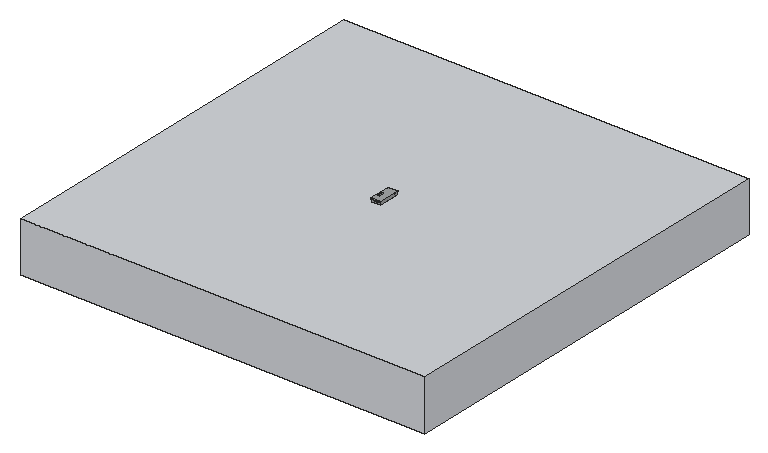
Revit family "GIRA_123926", category Elektroinstallationen, Revit 2017
Family settings
  Basisbauteil = Fläche
  Beschriftungsausrichtung beibehalten = Ja
  Bemaßung runder Anschluss = Durchmesser verwenden
  Teiletyp = Normal
  Beim Laden mit Abzugskörper schneiden = Nein
  Gemeinsam genutzt = Nein
  Raumberechnungspunkt = Nein
Parameters
  Zusatzgerät anreihbar = no
  Default Elevation = 1219.2 mm
  Verbindung mit Smartphone möglich = no
  URL = "https://www.gira.de/"
  Typname = "Wohnungsstation Video AP Plus System 55 F Alu"
  Schaltfunktionen = yes
  Rufunterscheidung = yes
  Rufabschaltung = yes
  Mit Türöffnerautomatik = yes
  Mit Touchscreen = no
  Lautstärkeregelung = yes
  Ist Zubehör = no
  Ist System = no
  Internkommunikation = yes
  Hörgerätekompatibel = no
  Hersteller = "Gira"
  HAN = "123926"
  GTIN = "4010337016267"
  Funktions-Lampen = yes
  Bildsystem = "PAL"
  Beschreibung = "Wohnungsstation Video AP Plus System 55 Farbe Alu Merkmale: - Bei Verwendung je einer Spannungsversorgung für Türkommunikation können bis zu 28 Wohnungsstationen Video AP parallel genutzt werden. - Die Wohnungsstation Video AP Plus erkennt automatisch, ob eine Spannungsversorgung für Türkommunikation angeschlossen ist. Eine Brücke zwischen ZV und BUS ist nicht notwendig. - Farbdisplay mit LED-Hintergrundbeleuchtung. - OSD Funktion, d. h. Texteinblendung im Display zur Statusanzeige und Menüführung. - Kapazitive Bedientasten mit integrierten Leuchtdioden zur Zustandsanzeige: Die Tasten werden durch leichte Berührung bedient. - Zuschaltbare Türöffnerautomatik: bei eingeschalteter Funktion wird der Türöffner nach Betätigung der Türstationsruftaste automatisch angesteuert. - Automatische Rufannahme: direktes Hineinsprechen oder -hören in einen Raum nach Internruf. - Gebührenfreier hausinterner Sprechverkehr mit bis zu zehn weiteren Wohnungsstationen. Die Bedientasten der Wohnungsstation Video AP Plus steuern die folgenden Funktionen:: - Manuelles Ein- und Ausschalten des TFT-Farbdisplays. - Kameraumschaltung - gezielte Anwahl der angeschlossenen Farbkameras. Im Display erfolgt die Textanzeige, welche Kamera aktuell angesteuert wird. - Schalten von Licht und anderen Funktionen in Verbindung mit dem Schaltaktor oder dem Unterputz-Schaltaktor. - Ansteuerung des Türöffners. - Rufton ein- und ausschalten. - Rufannahme. - Aktivierung der Durchsetzfunktion. - Einstellung von Rufton- und Sprechlautstärke. Funktionen im Endkundenmenü: - Internruf, Schalthandlung, Ruftonmelodie, Helligkeit, Farbsättigung, Kontrast, Einschaltzeit des Displays, Sprache (21 Sprachen wählbar), Tastentöne, Türöffnerautomatik (nach Installateurfreigabe), automatische Rufannahme (nach Installateurfreigabe). Zusätzliche Funktionen im Installateurmenü:: - Einstellung Haupt- Nebendisplay, Frequenzeinstellung, Terminierung der Leitung, Versionsanzeige, Werkseinstellung, Display ein- bzw. ausschalten, LED-Beleuchtung ein- bzw. ausschalten, Ruftastenzuordnung, Internruf zuordnen, Freigaben für Türöffnerautomatik und automatische Rufannahme. - Karten-Slot für SD-Speicherkarte. - SD-Speicherkarte. Neue zusätzliche Funktionen im Endkundenmenü:: - Interner Bildspeicher (nach Installateurfreigabe) für bis zu 48 Bilder. Manueller Übertrag interner zu externner Bildspeicher (SD-Speicherkarte). Bildspeicher manuell löschen. Manuellen Schnappschuss auslösen. Schalthandlungen und Internrufe umbenennen. Datum Uhrzeit ändern. Neue zusätzliche Funktionen im Installateurmenü:: - Freigabe des internen Bildspeichers. Einstellen des Bildintervals und der Aufnahmegeschwindigkeit. Datum Uhrzeit einstellen. Eigenschaften der SD-Speicherkarte:: - Verzeichnis für zehn Klingeltöne, davon fünf frei konfigurierbar im WAVE-Format. Ordner für externen Bildspeicher (max. 200 Bilder).  Hinweise : - Montage ohne Abdeckrahmen oder mit Abdeckrahmen 2fach ohne Mittelsteg aus den Schalterprogrammen System 55, Flächenschalter oder Gira E22 möglich."
  Bedienung Türöffner = yes
  BIM = "https://media.stage.bim.site/t/eyJhbGciOiJIUzI1NiIsInR5cCI6IkpXVCJ9.eyJjdCI6MSwidGYiOiJwdWJsaWMvZ2lyYS9iNjQ4NDNkLzEyMzkgMjYucmZhIiwiY2lkIjoiMzI3N2NjMjMtODFhOS00ZWUzLWE5MGEtYjQ3YmI0YzBiNjE2IiwicmlkIjoiODEzNTllZDQzOTdmMTNkMDU1NGNmMjliOTY5ODEzOGYiLCJwaWQiOiIwMWNjZTYyNDAzNDNmNzJjYzdkOTBlZTNmOTJhOThmN2QzODYzZmRkIiwic2lkIjoiNjM0NzAiLCJ1dCI6NSwiaWF0IjoxNTY1MTg2ODU0LCJpc3MiOiJodHRwczovL2FwaS5saXZlLmJpbS5zaXRlIiwic3ViIjoiYWRtaW5AYmltc2l0ZS5kZXYifQ.0vL1NSotp1H8hgY8szeundwsqxCglMqXX_FI9kGDnYU/1239 26.rfa"
  Abhörsicher = yes
Reference planes
  plane 1 "Center (Front/Back)": y = 0
  plane 2: z = 0
  plane 3 "Center (Left/Right)": x = 0
  plane 4: y = -57.002
  plane 5: z = 11.3
Forms (mm)
  Extrusion 1, solid
    sketch origin (0, 0, 0) x (1, 0, 0) y (0, 1, 0)
      loop
        line (-1219.2, 1219.2) -> (-1219.2, -1219.2) -> (1219.2, -1219.2) -> (1219.2, 1219.2) -> (-1219.2, 1219.2)
    from 0 to -304.8
  Extrusion 2, solid, material "Color aluminum", detail levels fine
    sketch origin (0, 0, 0) x (1, 0, 0) y (0, 1, 0)
      loop
        line (-27.5, 62.907) -> (-27.5, -62.761) -> (27.5, -63.002) -> (27.5, 62.907) -> (-27.5, 62.907)
    from 2.8 to 19.6
  Extrusion 3, solid, material "Color aluminum", detail levels fine
    sketch origin (0, 0, 0) x (1, 0, 0) y (0, 1, 0)
      loop
        line (23.736, -57.486) -> (23.736, 57.355) -> (-23.736, 57.355) -> (-23.736, -57.486) -> (23.736, -57.486)
    from 0 to 2.8
  Extrusion 4, solid, material "Color aluminum", detail levels fine
    sketch origin (0, 0, -0.9) x (1, 0, 0) y (0, 1, 0)
      loop
        arc (-26.5, 65) -> (-27.207, 64.707) -> (-27.5, 64) r 1
        line (-27.5, 64) -> (-27.5, -64)
        arc (-27.5, -64) -> (-27.207, -64.707) -> (-26.5, -65) r 1
        line (-26.5, -65) -> (26.5, -65)
        arc (26.5, -65) -> (27.207, -64.707) -> (27.5, -64) r 1
        line (27.5, -64) -> (27.5, 64)
        arc (27.5, 64) -> (27.207, 64.707) -> (26.5, 65) r 1
        line (26.5, 65) -> (-26.5, 65)
    from 20.5 to 21.5
  Extrusion 5, solid, material "Color aluminum", detail levels medium+fine
    sketch origin (0, 0, 0) x (1, 0, 0) y (0, 1, 0)
      loop
        line (-23.605, -18.6) -> (-13.2, -18.6) -> (-13.2, -8.594) -> (-13.2, 3.4) -> (-23.605, 3.4) -> (-23.605, -18.6)
    from 20.6 to 22.5
  Extrusion 6, void, detail levels fine
    sketch origin (0, 0, 0) x (1, 0, 0) y (0, 1, 0)
      loop
        arc (-11.109, -10.234) -> (15.105, -0.084) -> (-10.995, 10.357) r 15.105
        line (-10.995, 10.357) -> (-11.109, -10.234)
      loop
        arc (-3.34, -27.996) -> (-8.964, -28.895) -> (-3.943, -31.585) r 3.005
        arc (-3.943, -31.585) -> (0.438, -31.827) -> (4.808, -31.44) r 31.83
        arc (4.808, -31.44) -> (6.319, -29.382) -> (4.262, -27.871) r 1.805
        arc (4.262, -27.871) -> (0.465, -28.191) -> (-3.34, -27.996) r 28.195
      loop
        spline (6.871, -48.874) -> (6.579, -48.896) -> (6.293, -48.96) -> (6.02, -49.065) -> (5.765, -49.208) -> (5.534, -49.388) -> (5.331, -49.599) -> (5.162, -49.838) -> (5.029, -50.099) -> (4.936, -50.377) -> (4.885, -50.666) -> (4.876, -50.959) -> (4.91, -51.25)
        spline (4.91, -51.25) -> (4.876, -51.541) -> (4.885, -51.834) -> (4.936, -52.123) -> (5.029, -52.401) -> (5.162, -52.662) -> (5.331, -52.901) -> (5.534, -53.112) -> (5.765, -53.292) -> (6.02, -53.435) -> (6.293, -53.54) -> (6.579, -53.604) -> (6.871, -53.626)
        line (6.871, -53.626) -> (13.129, -53.626)
        spline (13.129, -53.626) -> (13.421, -53.604) -> (13.707, -53.54) -> (13.98, -53.435) -> (14.235, -53.292) -> (14.466, -53.112) -> (14.669, -52.901) -> (14.838, -52.662) -> (14.971, -52.401) -> (15.064, -52.123) -> (15.115, -51.834) -> (15.124, -51.541) -> (15.09, -51.25)
        spline (15.09, -51.25) -> (15.124, -50.959) -> (15.115, -50.666) -> (15.064, -50.377) -> (14.971, -50.099) -> (14.838, -49.838) -> (14.669, -49.599) -> (14.466, -49.388) -> (14.235, -49.208) -> (13.98, -49.065) -> (13.707, -48.96) -> (13.421, -48.896) -> (13.129, -48.874)
        line (13.129, -48.874) -> (6.871, -48.874)
      loop
        arc (3.34, 27.996) -> (8.966, 28.911) -> (3.92, 31.563) r 3.005
        arc (3.92, 31.563) -> (-0.448, 31.802) -> (-4.808, 31.44) r 31.805
        arc (-4.808, 31.44) -> (-6.319, 29.382) -> (-4.262, 27.871) r 1.805
        arc (-4.262, 27.871) -> (-0.465, 28.191) -> (3.34, 27.996) r 28.195
      loop
        line (-20.626, 52.129) -> (-20.626, 45.871)
        spline (-20.626, 45.871) -> (-20.604, 45.579) -> (-20.54, 45.293) -> (-20.435, 45.02) -> (-20.292, 44.765) -> (-20.112, 44.533) -> (-19.901, 44.331) -> (-19.662, 44.162) -> (-19.401, 44.029) -> (-19.123, 43.936) -> (-18.834, 43.885) -> (-18.541, 43.876) -> (-18.25, 43.91)
        spline (-18.25, 43.91) -> (-17.959, 43.876) -> (-17.666, 43.885) -> (-17.377, 43.936) -> (-17.099, 44.029) -> (-16.838, 44.162) -> (-16.599, 44.331) -> (-16.388, 44.533) -> (-16.208, 44.765) -> (-16.065, 45.02) -> (-15.96, 45.293) -> (-15.896, 45.579) -> (-15.874, 45.871)
        line (-15.874, 45.871) -> (-15.874, 52.129)
        spline (-15.874, 52.129) -> (-15.896, 52.421) -> (-15.96, 52.707) -> (-16.065, 52.98) -> (-16.208, 53.235) -> (-16.388, 53.466) -> (-16.599, 53.669) -> (-16.838, 53.838) -> (-17.099, 53.971) -> (-17.377, 54.064) -> (-17.666, 54.115) -> (-17.959, 54.124) -> (-18.25, 54.09)
        spline (-18.25, 54.09) -> (-18.541, 54.124) -> (-18.834, 54.115) -> (-19.123, 54.064) -> (-19.401, 53.971) -> (-19.662, 53.838) -> (-19.901, 53.669) -> (-20.112, 53.466) -> (-20.292, 53.235) -> (-20.435, 52.98) -> (-20.54, 52.707) -> (-20.604, 52.421) -> (-20.626, 52.129)
    from 0 to 2
  Extrusion 7, void, detail levels fine
    sketch origin (-1.799, 0, 0) x (1, 0, 0) y (0, 0, 1)
      loop
        line (0, 17.165) -> (0, 15.22) -> (3.598, 15.22) -> (3.598, 17.165) -> (0, 17.165)
      loop
        line (-4.701, 11.286) -> (-4.701, 8.933) -> (8.855, 8.933) -> (8.855, 11.286) -> (-4.701, 11.286)
    from 58.901 to 65
  Extrusion 8, void, detail levels fine
    sketch origin (0, 0, 0) x (0, 1, 0) y (0, 0, 1)
      loop
        line (-57.002, 12.854) -> (-57.002, 9.854) -> (-38.002, 9.854) -> (-38.002, 12.854) -> (-57.002, 12.854)
    from -27.55 to 27.5
  Extrusion 9, solid, material "Color aluminum", detail levels medium
    sketch origin (0, 0, 0) x (1, 0, 0) y (0, 1, 0)
      loop
        line (27.5, 65) -> (-27.5, 65) -> (-27.5, -65) -> (27.5, -65) -> (27.5, 65)
    from 19.6 to 20.6
  Extrusion 10, solid, material "Color aluminum", detail levels medium
    sketch origin (0, 0, 0) x (1, 0, 0) y (0, 1, 0)
      loop
        line (-27.5, 62.907) -> (-27.5, -62.761) -> (27.5, -63.002) -> (27.5, 62.907) -> (-27.5, 62.907)
    from 2.8 to 19.6
  Extrusion 11, solid, material "Color aluminum", detail levels medium
    sketch origin (0, 0, 0) x (1, 0, 0) y (0, 1, 0)
      loop
        line (23.736, -57.486) -> (23.736, 57.355) -> (-23.736, 57.355) -> (-23.736, -57.486) -> (23.736, -57.486)
    from 0 to 2.8
  Extrusion 12, solid, material "Color aluminum", detail levels coarse
    sketch origin (0, 0, 0) x (1, 0, 0) y (0, 1, 0)
      loop
        line (27.5, 65) -> (-27.5, 65) -> (-27.5, -65) -> (27.5, -65) -> (27.5, 65)
    from 0 to 22.5
Cuts and joins
  Extrusion 6, Extrusion 7, Extrusion 8 cuts Extrusion 2
  Extrusion 6 cuts Extrusion 3
  Extrusion 6 cuts Extrusion 4
Dimensions and locks
  aligned and locked: plane 2 to Extrusion 1
  aligned and locked: level to Extrusion 1
  aligned and locked: plane 1 "Center (Front/Back)" to nested 1
Nested families
  nested 1: "symbol" at (0, 0, 0), type "symbol"
Definition of nested family "symbol"
  Reference planes
    plane 1: y = 0
    plane 2: x = 0
  Lines and regions (mm)
    Filled region 1, type "Gefüllter Bereich 1"
      outline origin (0, 0, 0) x (1, 0, 0) y (0, 1, 0)
        loop
          circle (-0.6, 2.4) r 0.4
    Filled region 2, type "Gefüllter Bereich 1"
      outline origin (0, 0, 0) x (1, 0, 0) y (0, 1, 0)
        loop
          circle (0.6, 2.4) r 0.4
    detail lines
      curve 1: line (0, 0, 0) -> (0, 2, 0)
      curve 2: line (0, 2, 0) -> (1.6, 2, 0)
      curve 3: line (1.6, 2, 0) -> (1.6, 3.6, 0)
      curve 4: circle (0.6, 2.4, 0) r 0.4 normal (0, 0, 1)
      curve 5: line (0, 2, 0) -> (-1.6, 2, 0)
      curve 6: line (-1.6, 2, 0) -> (-1.6, 3.6, 0)
      curve 7: circle (-0.6, 2.4, 0) r 0.4 normal (0, 0, -1)
